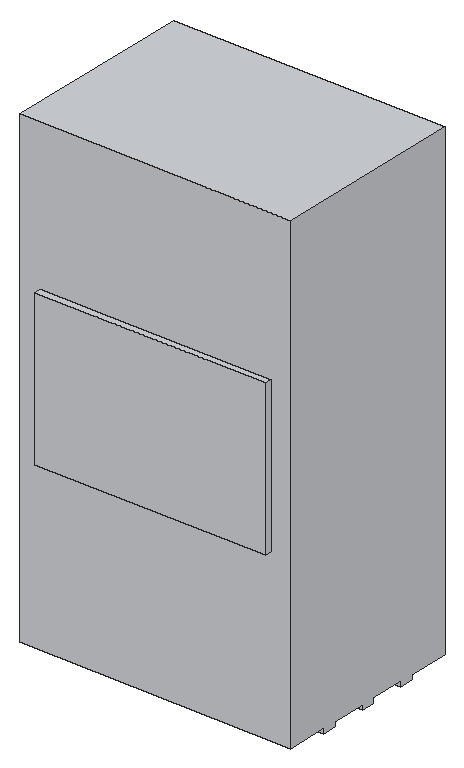
Revit family "1529507da6f845a09f78d54d72e58a9e", category Mechanical Equipment, Revit 2021
Family settings
  Round Connector Dimension = Use Radius
  Part Type = Normal
  OmniClass Number = 23.75.10.21.17
  OmniClass Title = Water-Source Heat Pumps
  Seek Item ID = WSHP - Vertical - 6.5-10 Tons - Front Return - Rear Discharge-0000-USA-ENU
  Work Plane-Based = No
  Always vertical = Yes
  Cut with Voids When Loaded = No
  Shared = No
  Room Calculation Point = No
Parameters (values of type "8.5 Tons")
  Water Supply Radius = 3/4"
  Water Supply Diameter = Water Supply Radius * 2  # 1 1/2"
  Water Return Radius = 3/4"
  Water Return Diameter = Water Return Radius * 2  # 1 1/2"
  Water Pressure Drop [instance] = 10.10 psi
  Water Flow [instance] = 24 GPM
  Voltage = 460 V
  Supply Air Width = 14 179/256"
  Supply Air Height = 15 205/256"
  Return Air Width = 34 205/256"
  Return Air Height = 23 51/128"
  Pump Width = 2' - 5"
  Pump Material = none
  Pump Length = 3' - 5"
  Pump Height = 5' - 11 1/2"
  Number of Poles = 3
  Model = ""
  Load Classification = Cooling
  Drain Flow [instance] = 0 GPM
  Default Elevation = 0' - 0"
  Condensate Radius = 1/2"
  Condensate Diameter = Condensate Radius * 2  # 1"
  C6 Offset 2 = 0' - 2 13/128"
  C6 Offset 1 = 0' - 1"
  C5 Offset 2 = 1' - 10 77/128"
  C5 Offset 1 = 0' - 3 13/128"
  C4 Offset 1 = 0' - 11 51/256"
  C3 Offset 1 = 1' - 2 1/2"
  C2 Offset 1 = 0' - 4"
  C1 Offset 2 = 1' - 8 1/2"
  C1 Offset 1 = 0' - 7 51/128"
  Apparent Load = 8970 VA
  External Static Pressure [instance] = 1.50 in-wg
  Air Flow [instance] = 3500 CFM
Types (4): name | Water Pressure Drop | Water Flow | Supply Air Width | Supply Air Height | Model | C4 Offset 1 | Apparent Load | External Static Pressure | Air Flow
  (no name) | 10.10 psi | 24 GPM | 14 179/256" | 15 205/256" | "" | 0' - 11 51/256" | 8970 VA | 1.50 in-wg | 3500 CFM
  6.5 Tons | 8.60 psi | 18 GPM | 14 179/256" | 15 205/256" | "1'  10 77/128\"" | 0' - 11 51/256" | 6026 VA | 1.00 in-wg | 2600 CFM
  8.5 Tons | 10.10 psi | 24 GPM | 14 179/256" | 15 205/256" | "" | 0' - 11 51/256" | 8970 VA | 1.50 in-wg | 3500 CFM
  10 Tons | 13.30 psi | 30 GPM | 18 205/256" | 16 13/128" | "" | 0' - 5 205/256" | 9890 VA | 1.50 in-wg | 4200 CFM
Reference planes (in)
  plane 1 "Center (Front/Back)": y = 0
  plane 2: z = 0
  plane 3 "Center (Left/Right)": x = 0
  plane 4: x = 41
  plane 5: y = 29
  plane 6: z = 72.25
  plane 7: z = 0.75
  plane 8: y = 14.5
  plane 9: y = 15.5
  plane 10: y = 13.5
  plane 11: y = 21.75
  plane 12: y = 7.25
  plane 13: y = 22.75
  plane 14: y = 20.75
  plane 15: y = 8.25
  plane 16: y = 6.25
  plane 17: z = 21.25
  plane 18: y = 4
  plane 19: y = 7.39844
  plane 20: y = 14.5
  plane 21: x = -1
  plane 22: x = 25.89844
  plane 23: x = 11.19922
  plane 24: x = 3.10156
  plane 25: x = 37.90234
  plane 26: z = 49.64844
  plane 27: z = 26.25
  plane 28: z = 2.10156
  plane 29: x = 40
  plane 30: y = -1
  plane 31: y = -1
  plane 32: z = 71.25
  plane 33: z = 55.44922
  plane 34: y = 30
  plane 35: y = 1
Forms (in)
  Extrusion 1, solid, material <- "Pump Material"
    sketch origin (0, 0, 0) x (1, 0, 0) y (0, 1, 0)
      loop
        line (0, 29) -> (0, 0) -> (41, 0) -> (41, 29) -> (0, 29)
    from 0.75 to 72.25
  Extrusion 2, solid, material <- "Pump Material"
    sketch origin (0, 0, 0) x (0, 1, 0) y (0, 0, 1)
      loop
        line (15.5, 0.75) -> (13.5, 0.75) -> (13.5, 0) -> (15.5, 0) -> (15.5, 0.75)
    from 0 to 41
  Extrusion 3, solid, material <- "Pump Material"
    sketch origin (0, 0, 0) x (0, 1, 0) y (0, 0, 1)
      loop
        line (22.75, 0.75) -> (20.75, 0.75) -> (20.75, 0) -> (22.75, 0) -> (22.75, 0.75)
    from 0 to 41
  Extrusion 4, solid, material <- "Pump Material"
    sketch origin (0, 0, 0) x (0, 1, 0) y (0, 0, 1)
      loop
        line (8.25, 0.75) -> (6.25, 0.75) -> (6.25, 0) -> (8.25, 0) -> (8.25, 0.75)
    from 0 to 41
  Extrusion 5, solid, material <- "Pump Material"
    sketch origin (0, 0, 0) x (0, 1, 0) y (0, 0, 1)
      loop
        circle (4, 21.25) r 0.75
    from 0 to -1
  Extrusion 6, solid, material <- "Pump Material"
    sketch origin (0, 0, 0) x (0, 1, 0) y (0, 0, 1)
      loop
        circle (7.39844, 21.25) r 0.75
    from 0 to -1
  Extrusion 7, solid, material <- "Pump Material"
    sketch origin (0, 0, 0) x (0, 1, 0) y (0, 0, 1)
      loop
        circle (14.5, 21.25) r 0.5
    from 0 to -1
  Extrusion 8, solid, material <- "Pump Material"
    sketch origin (0, 0, 0) x (1, 0, 0) y (0, 0, 1)
      loop
        line (3.10156, 49.64844) -> (3.10156, 26.25) -> (37.90234, 26.25) -> (37.90234, 49.64844) -> (3.10156, 49.64844)
    from 0 to 1
  Extrusion 9, solid, material <- "Pump Material"
    sketch origin (0, 0, 0) x (1, 0, 0) y (0, 0, 1)
      loop
        circle (40, 2.10156) r 0.5
    from -1 to 0
  Extrusion 10, solid, material <- "Pump Material"
    sketch origin (0, 0, 0) x (1, 0, 0) y (0, 0, 1)
      loop
        line (11.19922, 71.25) -> (11.19922, 55.44922) -> (25.89844, 55.44922) -> (25.89844, 71.25) -> (11.19922, 71.25)
    from -29 to -30
Cuts and joins
  joined: Extrusion 1, Extrusion 2, Extrusion 3, Extrusion 4, Extrusion 5, Extrusion 6, Extrusion 7, Extrusion 8, Extrusion 9, Extrusion 10
Dimensions and locks (in)
  "Pump Length": plane 3 "Center (Left/Right)" to plane 4
  "Pump Width": plane 5 to plane 1 "Center (Front/Back)"
  locked: plane 7 to plane 2 at 0.75
  "Pump Height": plane 6 to plane 7
  equal spacing: plane 5, plane 8, plane 1 "Center (Front/Back)"
  plane 9 to plane 8 to plane 10 = 0' - 1" locked, 0' - 1" locked
  equal spacing: plane 5, plane 11, plane 8
  equal spacing: plane 8, plane 12, plane 1 "Center (Front/Back)"
  plane 13 to plane 11 to plane 14 = 0' - 1" locked, 0' - 1" locked
  plane 15 to plane 12 to plane 16 = 0' - 1" locked, 0' - 1" locked
  "C1 Offset 2": plane 17 to plane 7
  "C2 Offset 1": plane 18 to plane 1 "Center (Front/Back)"
  "C1 Offset 1": plane 19 to plane 1 "Center (Front/Back)"
  "C3 Offset 1": plane 20 to plane 1 "Center (Front/Back)"
  plane 21 to plane 3 "Center (Left/Right)" = 0' - 1"
  "C4 Offset 1": plane 3 "Center (Left/Right)" to plane 23
  "Supply Air Width": plane 23 to plane 22
  "C5 Offset 2": plane 6 to plane 26
  "Return Air Height": plane 26 to plane 27
  "C5 Offset 1": plane 24 to plane 3 "Center (Left/Right)"
  "Return Air Width": plane 25 to plane 24
  "C6 Offset 2": plane 28 to plane 2
  "C6 Offset 1": plane 4 to plane 29
  locked: plane 31 to plane 1 "Center (Front/Back)" at 1
  locked: plane 6 to plane 32 at 1
  "Supply Air Height": plane 32 to plane 33
  locked: plane 34 to plane 5 at 1
  locked: plane 35 to plane 1 "Center (Front/Back)" at 1
  "Water Return Radius": radius of Extrusion 5 sketch curve
  "Water Supply Radius": radius of Extrusion 6 sketch curve
  "Condensate Radius": radius of Extrusion 7 sketch curve
  radius of Extrusion 9 sketch curve = 0' - 0 1/2"
  aligned and locked: Extrusion 1 to plane 3 "Center (Left/Right)"
  aligned and locked: plane 5 to Extrusion 1
  aligned and locked: plane 4 to Extrusion 1
  aligned and locked: plane 1 "Center (Front/Back)" to Extrusion 1
  aligned and locked: plane 6 to Extrusion 1
  aligned and locked: Extrusion 1 to plane 7
  aligned and locked: Extrusion 2 to plane 9
  aligned and locked: plane 10 to Extrusion 2
  aligned and locked: plane 7 to Extrusion 2
  aligned and locked: Extrusion 2 to plane 2
  aligned and locked: Extrusion 3 to plane 13
  aligned and locked: plane 14 to Extrusion 3
  aligned and locked: plane 7 to Extrusion 3
  aligned and locked: Extrusion 3 to plane 2
  aligned and locked: Extrusion 4 to plane 15
  aligned and locked: plane 16 to Extrusion 4
  aligned and locked: plane 7 to Extrusion 4
  aligned and locked: Extrusion 4 to plane 2
  aligned and locked: Extrusion 3 to plane 3 "Center (Left/Right)"
  aligned and locked: Extrusion 2 to plane 3 "Center (Left/Right)"
  aligned and locked: Extrusion 4 to plane 3 "Center (Left/Right)"
  aligned and locked: plane 4 to Extrusion 3
  aligned and locked: plane 4 to Extrusion 2
  aligned and locked: plane 4 to Extrusion 4
  aligned and locked: plane 17 to Extrusion 5 sketch curve
  aligned and locked: plane 17 to Extrusion 6 sketch curve
  aligned and locked: plane 17 to Extrusion 7 sketch curve
  aligned and locked: plane 18 to Extrusion 5 sketch curve
  aligned and locked: plane 19 to Extrusion 6 sketch curve
  aligned and locked: plane 20 to Extrusion 7 sketch curve
  aligned and locked: Extrusion 7 to plane 3 "Center (Left/Right)"  (x2)
  aligned and locked: Extrusion 7 to plane 21
  aligned and locked: Extrusion 6 to plane 21
  aligned and locked: Extrusion 5 to plane 21
  aligned and locked: plane 3 "Center (Left/Right)" to Extrusion 6
  aligned and locked: plane 3 "Center (Left/Right)" to Extrusion 5
  aligned and locked: Extrusion 8 to plane 24
  aligned and locked: Extrusion 8 to plane 25
  aligned and locked: Extrusion 8 to plane 26
  aligned and locked: Extrusion 8 to plane 27
  aligned and locked: plane 28 to Extrusion 9 sketch curve
  aligned and locked: plane 29 to Extrusion 9 sketch curve
  aligned and locked: plane 32 to Extrusion 10
  aligned and locked: Extrusion 10 to plane 33
  aligned and locked: Extrusion 10 to plane 23
  aligned and locked: plane 22 to Extrusion 10
  aligned and locked: plane 34 to Extrusion 10
  aligned and locked: Extrusion 10 to plane 5
  aligned and locked: plane 35 to Extrusion 9
  aligned and locked: plane 1 "Center (Front/Back)" to Extrusion 9
  aligned and locked: Extrusion 8 to plane 1 "Center (Front/Back)"
  aligned and locked: Extrusion 8 to plane 31
Automatic sketch dimensions
  plane 3 "Center (Left/Right)" to Extrusion 1 sketch curve = 0' - 0"
  Extrusion 1 sketch curve to plane 1 "Center (Front/Back)" = 0' - 0"
  plane 4 to Extrusion 1 sketch curve = 0' - 0"
  plane 5 to Extrusion 1 sketch curve = 0' - 0"
  plane 8 to Extrusion 2 sketch curve = 0' - 1"
  Extrusion 2 sketch curve to plane 8 = 0' - 1"
  Extrusion 2 sketch curve to level = 0' - 0"
  plane 7 to Extrusion 2 sketch curve = 0' - 0"
  plane 11 to Extrusion 3 sketch curve = 0' - 1"
  Extrusion 3 sketch curve to plane 11 = 0' - 1"
  Extrusion 3 sketch curve to level = 0' - 0"
  plane 7 to Extrusion 3 sketch curve = 0' - 0"
  plane 12 to Extrusion 4 sketch curve = 0' - 1"
  Extrusion 4 sketch curve to level = 0' - 0"
  Extrusion 4 sketch curve to plane 12 = 0' - 1"
  plane 7 to Extrusion 4 sketch curve = 0' - 0"
  plane 24 to Extrusion 8 sketch curve = 0' - 0"
  plane 22 to Extrusion 8 sketch curve = 1' - 0 1/256"
  Extrusion 8 sketch curve to plane 27 = 0' - 0"
  plane 26 to Extrusion 8 sketch curve = 0' - 0"
  plane 23 to Extrusion 10 sketch curve = 0' - 0"
  Extrusion 10 sketch curve to plane 25 = 1' - 0 1/256"
  Extrusion 10 sketch curve to plane 6 = 0' - 1"
  Extrusion 10 sketch curve to plane 33 = 0' - 0"
Connectors (in)
  piping at (-1, 7.39844, 21.25), diameter 1.5, driven by "Water Flow", driven by "Water Supply Radius"
    settings: on Extrusion 6, index 1, connector inside diameter 1 1/2", connector length 0' - 0", flow factor 0, pipe flow 24 GPM, pressure drop 0.00 psi, fitting loss kfactor 0, connector angle 0.00°, fixture units 0, engagement length 0' - 0", angle of deflection 0.00°, flow configuration 1, flow direction 1, fitting loss method 4, system type 7, joint type 0, gender type 0, connector reference index 2, connector utility 0, adjustable connector no, is connector primary yes, connector description "Water Supply In"
  piping at (-1, 4, 21.25), diameter 1.5, driven by "Water Flow", driven by "Water Return Radius"
    settings: on Extrusion 5, index 2, connector inside diameter 1 1/2", connector length 0' - 0", flow factor 0, pipe flow 24 GPM, pressure drop 0.00 psi, fitting loss kfactor 0, connector angle 0.00°, fixture units 0, engagement length 0' - 0", angle of deflection 0.00°, flow configuration 1, flow direction 2, fitting loss method 4, system type 8, joint type 0, gender type 0, connector reference index 1, connector utility 0, adjustable connector no, is connector primary no, connector description "Water Return Out"
  piping at (-1, 14.5, 21.25), diameter 1, driven by "Condensate Radius", driven by "Drain Flow"
    settings: on Extrusion 7, index 3, connector inside diameter 1", connector length 0' - 0", flow factor 0, pipe flow 0 GPM, pressure drop 0.00 psi, fitting loss kfactor 0, connector angle 0.00°, fixture units 0, engagement length 0' - 0", angle of deflection 0.00°, flow configuration 1, flow direction 2, fitting loss method 0, system type 16, joint type 0, gender type 0, connector reference index -1, connector utility 0, adjustable connector yes, is connector primary no, connector description "Condensate Out"
  hvac at (18.54883, 30, 63.34961), driven by "Air Flow", driven by "Supply Air Height", driven by "Supply Air Width"
    settings: on Extrusion 10, index 4, duct flow 3500 CFM, flow factor 0, pres drop 0.00 in-wg, loss coef 0, conn angle 0.00°, conn width 14 179/256", conn height 15 205/256", conn diameter 24", duct sys type 1, conn prof type 1, flow config 0, flow direction 2, loss method 0, conn ref index 5, conn util no, is conn primary yes, conn desc ""
  hvac at (20.50195, -1, 37.94922), driven by "Air Flow", driven by "Return Air Height", driven by "Return Air Width"
    settings: on Extrusion 8, index 5, duct flow 3500 CFM, flow factor 0, pres drop 0.00 in-wg, loss coef 0, conn angle 0.00°, conn width 34 205/256", conn height 23 51/128", conn diameter 24", duct sys type 2, conn prof type 1, flow config 0, flow direction 1, loss method 0, conn ref index 4, conn util no, is conn primary no, conn desc ""
  electrical at (40, 0, 2.10156), driven by "Apparent Load", driven by "Voltage", driven by "Number of Poles", driven by "Load Classification"
    settings: on Extrusion 9, index 6, voltage 460 V, apparent load 8970 VA, apparent load phase1 0 VA, apparent load phase2 0 VA, apparent load phase3 0 VA, power factor 0.8, load classification "Cooling", number of poles 3, system type 30, power factor state 1, is connector primary yes, connector utility no, sub classification motor no, connector description ""
